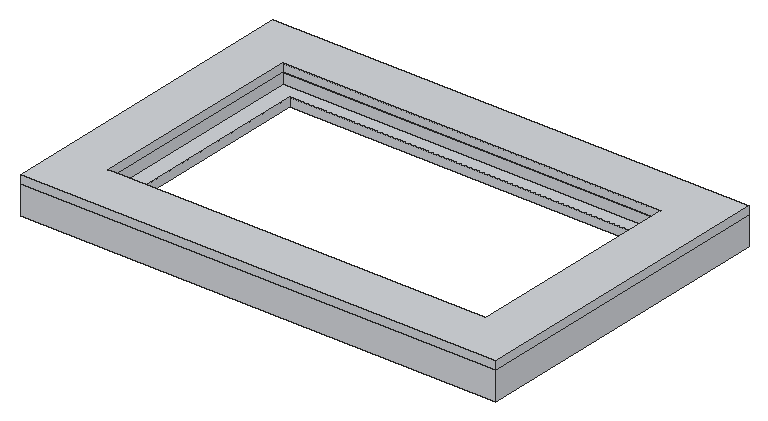
Revit family "Gira_100129", category Electrical Fixtures, host Face, Revit 2017
Family settings
  Host = Face
  Maintain Annotation Orientation = No
  Round Connector Dimension = Use Diameter
  Part Type = Normal
  Cut with Voids When Loaded = No
  Shared = No
  Room Calculation Point = No
Parameters (values of type "Cov.fr. 1.5-g Gira E2 p.white")
  With mounting grid = "No"
  With hinged lid = "No"
  URL = "http://katalog.gira.de/en/datenblatt.html?artikelnr=100129"
  Type of fastening = "Clamp mounting"
  Transparent = "No"
  Surface protection = "Other"
  Surface finishing = "Glossy"
  Suitable for wall duct = "No"
  Suitable for flush-mounted installation = "Yes"
  Suitable for floor box = "No"
  Suitable for built-in installation = "No"
  RAL-number (akin) = "9010"
  Number of units vertical = "1,5"
  Number of units horizontal = "1,5"
  Number of units = "1"
  Name = "Cov.fr. 1.5-g Gira E2 p.white"
  Mounting direction = "Horizontal and vertical"
  Material quality = "Thermoplastic"
  Material = "Plastic"
  Manufacturer URL = "https://www.gira.de/"
  Manufacturer = "Gira"
  Label space/information surface = "No"
  Keynote = ""
  HeinzeBIM = "https://bimportal.heinze.de/bim/cov-fr-1-5-g-gira-e2-p-white/e930621cc1aead4ae3ba3830dd133bb31f8f40f0"
  Halogen free = "Yes"
  HAN = "100129"
  GTIN = "4010337881353"
  Description = "Cov.fr.1.5g E2 PW,Gira E2 cover frame,pure white glossy,1.5-gang,Features:,- Shatter-proof.,,Notes :,- Also suitable for duct installation.,- In connection with the seal kit, frame (1-gang to 5-gang) is also suitable for installation as water-protected flush-mounted IP44."
  Degree of protection (IP) = "IP20"
  Default Elevation = 1219.2 mm
  Data sheet (1) = "https://katalog.gira.de/en/download.html?artikelnr=100129"
  Colour = "White"
  Category = "Cover frame for domestic switching devices"
  BIM (1) = "https://media.stage.bim.site/public/gira/36a6b08/E2-Rahmen_1,5fach.rfa"
  Available = "No"
Reference planes
  plane 1 "Center (Front/Back)": y = 0
  plane 2: z = 0
  plane 3 "Center (Left/Right)": x = 0
Forms (mm)
  Extrusion 1, solid, detail levels fine
    sketch origin (0, 0, 0) x (1, 0, 0) y (0, 1, 0)
      loop
        line (60.721, 40.421) -> (-60.721, 40.421) -> (-60.721, -40.421) -> (60.721, -40.421) -> (60.721, 40.421)
      loop
        line (-48.3, -28) -> (48.3, -28) -> (48.3, 28) -> (-48.3, 28) -> (-48.3, -28)
    from 7.3 to 9.3
  Extrusion 2, solid, detail levels fine
    sketch origin (0, 0, 0) x (1, 0, 0) y (0, 1, 0)
      loop
        line (-60.721, 40.421) -> (-60.721, -40.421) -> (60.721, -40.421) -> (60.721, 40.421) -> (-60.721, 40.421)
      loop
        line (-58.919, -38.619) -> (58.919, -38.619) -> (58.919, 38.619) -> (-58.919, 38.619) -> (-58.919, -38.619)
    from 0 to 7.3
  Extrusion 3, solid, detail levels fine
    sketch origin (0, 0, 0) x (1, 0, 0) y (0, 1, 0)
      loop
        line (-44, -24.75) -> (44, -24.75) -> (44, 24.75) -> (-44, 24.75) -> (-44, -24.75)
      loop
        line (-48.3, -28) -> (48.3, -28) -> (48.3, 28) -> (-48.3, 28) -> (-48.3, -28)
    from 2.2 to 4.5
  Extrusion 4, solid, detail levels fine
    sketch origin (0, 0, 0) x (1, 0, 0) y (0, 1, 0)
      loop
        line (49.78, -27.48) -> (49.78, 27.48)
        spline (49.78, 27.48) -> (49.763, 27.741) -> (49.712, 27.998) -> (49.628, 28.245) -> (49.512, 28.48) -> (49.367, 28.698) -> (49.194, 28.894) -> (48.998, 29.067) -> (48.78, 29.212) -> (48.545, 29.328) -> (48.298, 29.412) -> (48.041, 29.463) -> (47.78, 29.48)
        line (47.78, 29.48) -> (-47.78, 29.48)
        spline (-47.78, 29.48) -> (-48.041, 29.463) -> (-48.298, 29.412) -> (-48.545, 29.328) -> (-48.78, 29.212) -> (-48.998, 29.067) -> (-49.194, 28.894) -> (-49.367, 28.698) -> (-49.512, 28.48) -> (-49.628, 28.245) -> (-49.712, 27.998) -> (-49.763, 27.741) -> (-49.78, 27.48)
        line (-49.78, 27.48) -> (-49.78, -27.48)
        spline (-49.78, -27.48) -> (-49.763, -27.741) -> (-49.712, -27.998) -> (-49.628, -28.245) -> (-49.512, -28.48) -> (-49.367, -28.698) -> (-49.194, -28.894) -> (-48.998, -29.067) -> (-48.78, -29.212) -> (-48.545, -29.328) -> (-48.298, -29.412) -> (-48.041, -29.463) -> (-47.78, -29.48)
        line (-47.78, -29.48) -> (47.78, -29.48)
        spline (47.78, -29.48) -> (48.041, -29.463) -> (48.298, -29.412) -> (48.545, -29.328) -> (48.78, -29.212) -> (48.998, -29.067) -> (49.194, -28.894) -> (49.367, -28.698) -> (49.512, -28.48) -> (49.628, -28.245) -> (49.712, -27.998) -> (49.763, -27.741) -> (49.78, -27.48)
      loop
        line (-48.3, -28) -> (48.3, -28) -> (48.3, 28) -> (-48.3, 28) -> (-48.3, -28)
    from 2.2 to 7.3
  Extrusion 5, solid, detail levels coarse+medium
    sketch origin (0, 0, 0) x (1, 0, 0) y (0, 1, 0)
      loop
        line (-60.721, 40.421) -> (-60.721, -40.421) -> (60.721, -40.421) -> (60.721, 40.421) -> (-60.721, 40.421)
    from 0 to 9.3
Dimensions and locks
  aligned and locked: plane 2 to host face
  aligned and locked: level to host face
